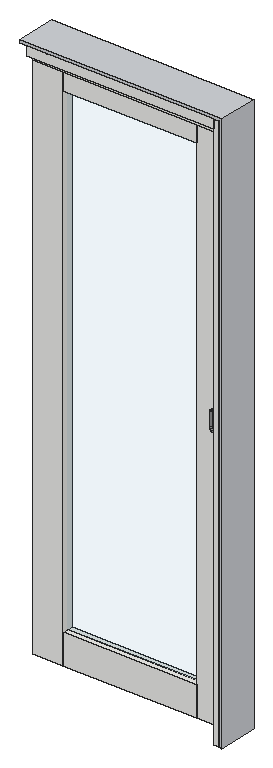
Revit family "Sliding_Door_Pocket", category Doors, host Wall, Revit 2026
Family settings
  Host = Wall
  Classification Number = 23.30.10.00
  Always vertical = Yes
  Cut with Voids When Loaded = No
  Shared = No
  Room Calculation Point = No
Parameters (values of type "1490 x 2100 - M8 x M21")
  min_width = 0 mm
  min_height = 0 mm
  max_width = 0 mm
  max_height = 0 mm
  Youtube clip = ""
  Weight Net (Kg) = 0
  Uniclass 2.0 Description = "Doorsets"
  Uniclass 2.0 Code = "PR-59-23"
  Uniclass 1.4 Description = "Doors"
  Uniclass 1.4 Code = "L411"
  UNSPSC Code = "301715"
  Technical description = "http://www.swedoor.se/mattofakta"
  Surface Material [instance] = Paint : NCSS0502Y
  Strikeplate [instance] = Strikeplate : JW std.
  Rough Width = Frame Width + 20 mm  # 1510 mm
  Rough Height = Height + 10 mm  # 2110 mm
  Region South America = "None"
  Region Oceania = "None"
  Region North America = "None"
  Region Middle East = "None"
  Region Europe = "DK, FI, IS, NO, SE"
  Region Asia = "None"
  Region Antarctica = "None"
  Region Africa = "None"
  QR code = "http://bimobject.com/swedoor-jeld-wen/product/int_door_sliding_int_unique"
  Product group = "ADVANCE-LINE - Unique"
  Product family = "Interior doors"
  Product data url = "http://bimobject.com/swedoor-jeld-wen/product/int_door_sliding_int_unique"
  Product certification = "http://www.swedoor.se/goda-raad/download-center/#78388"
  Product SKU = "int_door_sliding_int_unique"
  Product Guid = "ff2e81f2-811a-43ed-a2ef-8748dc116686"
  Nominal width = 0
  Nominal height = 0
  NBS Reference Description = "Doorsets"
  NBS Reference Code = "59-23"
  Material secondary = ""
  Material main = "Wood"
  Manufacturer name = "SWEDOOR JELD-WEN "
  Manufacturer country = "Denmark"
  Manufacturer = "JELD-WEN"
  Lock [instance] = Lock : 4249
  Kickplate [instance] = Kickplate : No kickplate
  Installation instructions = "http://www.swedoor.se/goda-raad/download-center/#6849"
  IFC Classification = "Door"
  Function = Interior
  Height = 2100 mm
  Wall Closure = By host
  Width = (Frame Width / 2)  # 745 mm
  Free Opening [instance] = Width - 38 mm  # 707 mm
  Frame Width = 1490 mm
  Frame Surface Finish Material = NCS S 0502-Y
  Frame Depth = 0 mm
  Edition number = 1
  Edge type [instance] = Edgetype : Painted
  EAN code = ""
  Door Surface Finish Material = NCS S 0502-Y
  Door Panel Width = Width - 20 mm  # 725 mm
  Door Panel Height = Height - 60 mm  # 2040 mm
  Design country = "Denmark"
  Date of publishing = "2012-08-08"
  COBIe Type Category = ""
  BIMobject category = "Doors"
  Analytic Construction = "<None>"
Reference planes
  plane 1: y = 0
  plane 2 "Center (Left/Right)": x = 0
  plane 3 "Left": x = -372.5
  plane 4 "Right": x = 372.5
  plane 5: z = 2100
  plane 6 "Exterior": y = 75
  plane 7 "Interior": y = -75
  plane 8: x = -1117.5
  plane 9: y = 35
  plane 10: y = -35
  plane 11: x = -1127.5
  plane 12: x = 382.5
  plane 13: x = -381.5
  plane 14: z = 2110
  plane 15: z = 2066
  plane 16: y = 27
  plane 17: y = -27
  plane 18: x = 357.5
Forms (mm)
  Extrusion 1, void
    sketch origin (0, 0, 0) x (1, 0, 0) y (0, 1, 0)
      loop
        line (382.5, 75) -> (-372.5, 75) -> (-372.5, 48.47) -> (-396.537, 48.47) -> (-396.537, 35) -> (-1127.5, 35) -> (-1127.5, -35) -> (-396.537, -35) -> (-396.537, -48.47) -> (-372.5, -48.47) -> (-372.5, -75) -> (382.5, -75) -> (382.5, 75)
    from 0 to 2110
  Sweep 2, solid, material "NCS S 0502-Y" <- "Frame Surface Finish Material"
    path origin (0, 75, 0) x (1, 0, 0) y (0, 0, 1)
      loop
        line (372.5, 0) -> (372.5, 2100)
    profile origin (372.5, 75, 1050) x (-1, 0, 0) y (0, -1, 0)
      loop
        line (0, 0) -> (21, 0) -> (21, 50) -> (15, 50) -> (15, 100) -> (21, 100) -> (21, 150) -> (0, 150) -> (0, 0)
  Extrusion 3, solid, material "NCS S 0502-Y" <- "Frame Surface Finish Material", detail levels coarse+medium
    sketch origin (0, 0, 0) x (1, 0, 0) y (0, 1, 0)
      loop
        line (-372.5, 75) -> (-372.5, 27) -> (-347.5, 27) -> (-347.5, 75) -> (-372.5, 75)
      loop
        line (-372.5, -75) -> (-347.5, -75) -> (-347.5, -27) -> (-372.5, -27) -> (-372.5, -75)
    from 0 to 2100
  Sweep 4, solid
    path in 3D
      loop
        line (-372.5, -75, 2110) -> (382.5, -75, 2110) -> (382.5, -75, 0)
    profile origin (382.5, -75, 1055) x (-1, 0, 0) y (0, -1, 0)
      loop
        line (10, -150) -> (10, 0) -> (0, 0) -> (0, -150) -> (10, -150)
  Extrusion 5, solid, material "NCS S 0502-Y" <- "Frame Surface Finish Material"
    sketch origin (0, 0, 0) x (0, 1, 0) y (0, 0, 1)
      loop
        line (-75, 2100) -> (-75, 2066) -> (-16, 2066) -> (-16, 2100) -> (-75, 2100)
      loop
        line (75, 2100) -> (16, 2100) -> (16, 2066) -> (75, 2066) -> (75, 2100)
    from -347.5 to 351.5
  Extrusion 6, solid, material "NCS S 0502-Y" <- "Frame Surface Finish Material"
    sketch origin (0, 0, 0) x (0, 1, 0) y (0, 0, 1)
      loop
        line (-45, 2066) -> (-45, 2038) -> (-25, 2038) -> (-25, 2066) -> (-45, 2066)
      loop
        line (45, 2066) -> (25, 2066) -> (25, 2038) -> (45, 2038) -> (45, 2066)
    from -347.5 to 351.5
  Extrusion 7, solid, detail levels coarse+medium
    sketch origin (0, 0, 0) x (1, 0, 0) y (0, 1, 0)
      loop
        line (-396.537, 48.47) -> (-396.537, 35) -> (-372.5, 35) -> (-372.5, 48.47) -> (-396.537, 48.47)
      loop
        line (-396.537, -35) -> (-396.537, -48.47) -> (-372.5, -48.47) -> (-372.5, -35) -> (-396.537, -35)
    from 0 to 2110
Lines and regions (mm)
  Filled region 1, type "Drawing1.dwg-1", in view "Ref. Level"
    outline origin (0, 0, 0) x (1, 0, 0) y (0, 1, 0)
      loop
        line (-456.643, 446.435) -> (-450.143, 446.435)
        arc (-450.143, 446.435) -> (-449.082, 446.874) -> (-448.643, 447.935) r 1.5
        line (-448.643, 447.935) -> (-448.643, 466.935)
        arc (-448.643, 466.935) -> (-449.082, 467.996) -> (-450.143, 468.435) r 1.5
        line (-450.143, 468.435) -> (-456.643, 468.435) -> (-456.643, 446.435)
  Filled region 2, type "Drawing1.dwg-1", in view "Ref. Level"
    outline origin (0, 0, 0) x (1, 0, 0) y (0, 1, 0)
      loop
        line (-456.643, 518.435) -> (-450.143, 518.435)
        arc (-450.143, 518.435) -> (-449.082, 518.874) -> (-448.643, 519.935) r 1.5
        line (-448.643, 519.935) -> (-448.643, 538.935)
        arc (-448.643, 538.935) -> (-449.082, 539.996) -> (-450.143, 540.435) r 1.5
        line (-450.143, 540.435) -> (-456.643, 540.435) -> (-456.643, 518.435)
  Filled region 3, type "Drawing1.dwg-1", in view "Ref. Level"
    outline origin (0, 0, 0) x (1, 0, 0) y (0, 1, 0)
      loop
        line (-481.643, 446.935) -> (-476.643, 446.935) -> (-476.643, 444.935) -> (-458.143, 444.935)
        arc (-458.143, 444.935) -> (-457.082, 445.374) -> (-456.643, 446.435) r 1.5
        line (-456.643, 446.435) -> (-456.643, 464.935)
        arc (-456.643, 464.935) -> (-457.082, 465.996) -> (-458.143, 466.435) r 1.5
        line (-458.143, 466.435) -> (-476.643, 466.435) -> (-476.643, 464.435) -> (-481.643, 464.435) -> (-481.643, 446.935)
  Filled region 4, type "Drawing1.dwg-1", in view "Ref. Level"
    outline origin (0, 0, 0) x (1, 0, 0) y (0, 1, 0)
      loop
        line (-481.643, 522.435) -> (-476.643, 522.435) -> (-476.643, 520.435) -> (-458.143, 520.435)
        arc (-458.143, 520.435) -> (-457.082, 520.874) -> (-456.643, 521.935) r 1.5
        line (-456.643, 521.935) -> (-456.643, 540.435)
        arc (-456.643, 540.435) -> (-457.082, 541.496) -> (-458.143, 541.935) r 1.5
        line (-458.143, 541.935) -> (-476.643, 541.935) -> (-476.643, 539.935) -> (-481.643, 539.935) -> (-481.643, 522.435)
  symbolic lines, style "DoorsOpeningProjection"
    curve 1: line (110.018, 20, 519.138) -> (-129.982, 20, 519.138)
    curve 2: line (-129.982, 20, 519.138) -> (-73.413, 20, 575.706)
    curve 3: line (-129.982, 20, 519.138) -> (-73.413, 20, 462.569)
  symbolic lines
    curve 4: line (-725, 20, 0) -> (0, 20, 0)
    curve 5: line (-725, -20, 0) -> (-725, 20, 0)
    curve 6: line (0, -20, 0) -> (-725, -20, 0)
    curve 7: line (0, 20, 0) -> (0, -20, 0)
    curve 10: line (351.5, 75, 0) -> (382.5, 75, 0)
    curve 12: line (382.5, -75, 0) -> (351.5, -75, 0)
    curve 13: line (382.5, 75, 0) -> (382.5, -75, 0)
    curve 448: line (-372.5, 75, 0) -> (-372.5, 48.47, 0)
    curve 449: line (-367.5, 27, 0) -> (-347.5, 27, 0)
    curve 450: line (-347.5, 27, 0) -> (-347.5, 75, 0)
    curve 451: line (-347.5, 75, 0) -> (-372.5, 75, 0)
    curve 452: line (-372.5, -48.47, 0) -> (-372.5, -75, 0)
    curve 453: line (-367.5, -27, 0) -> (-347.5, -27, 0)
    curve 454: line (-347.5, -27, 0) -> (-347.5, -75, 0)
    curve 455: line (-347.5, -75, 0) -> (-372.5, -75, 0)
  sketch lines
    curve 8: line (382.5, -75, 2110) -> (382.5, -75, 0)
    curve 9: line (-372.5, -75, 2110) -> (382.5, -75, 2110)
  symbolic lines, detail levels coarse+medium
    curve 11: line (351.5, -75, 0) -> (351.5, 75, 0)
  model lines, style "3 std kontur 0.25 mm", detail levels medium+fine
    curve 14: line (-372.5, 45, 0) -> (-372.5, 32.25, 0)
  symbolic lines, style "DoorsFrameMullionProjection", not visible, detail levels medium+fine
    curve 15: arc (-553.634, 448.435, 0) -> (-553.194, 447.374, 0) -> (-552.134, 446.935, 0) r 1.5
    curve 16: arc (-552.134, 444.935, 0) -> (-554.609, 445.96, 0) -> (-555.634, 448.435, 0) r 3.5
    curve 17: line (-552.134, 446.935, 0) -> (-526.634, 446.935, 0)
    curve 18: line (-526.634, 446.935, 0) -> (-526.634, 444.935, 0)
    curve 19: line (-526.634, 444.935, 0) -> (-552.134, 444.935, 0)
    curve 20: line (-531.634, 446.935, 0) -> (-526.634, 446.935, 0)
    curve 21: line (-526.634, 446.935, 0) -> (-526.634, 444.935, 0)
    curve 22: line (-555.634, 461.185, 0) -> (-540.634, 461.185, 0)
    curve 23: line (-540.634, 461.185, 0) -> (-540.634, 463.185, 0)
    curve 24: line (-540.634, 463.185, 0) -> (-555.625, 463.185, 0)
    curve 25: arc (-506.634, 464.935, 0) -> (-507.073, 465.996, 0) -> (-508.134, 466.435, 0) r 1.5
    curve 26: arc (-555.625, 463.185, 0) -> (-554.519, 465.497, 0) -> (-552.134, 466.435, 0) r 3.5
    curve 27: arc (-552.134, 464.435, 0) -> (-553.102, 464.081, 0) -> (-553.613, 463.185, 0) r 1.5
    curve 28: arc (-498.634, 466.935, 0) -> (-499.073, 467.996, 0) -> (-500.134, 468.435, 0) r 1.5
    curve 29: line (-552.134, 466.435, 0) -> (-526.634, 466.435, 0)
    curve 30: line (-526.634, 466.435, 0) -> (-526.634, 464.435, 0)
    curve 31: line (-526.634, 464.435, 0) -> (-552.134, 464.435, 0)
    curve 32: line (-508.134, 466.435, 0) -> (-526.634, 466.435, 0)
    curve 33: line (-526.634, 466.435, 0) -> (-526.634, 464.435, 0)
    curve 34: line (-526.634, 464.435, 0) -> (-531.634, 464.435, 0)
    curve 35: line (-500.134, 468.435, 0) -> (-506.634, 468.435, 0)
    curve 36: line (-506.634, 468.435, 0) -> (-506.634, 464.935, 0)
    curve 37: arc (-500.125, 446.435, 0) -> (-499.071, 446.872, 0) -> (-498.634, 447.926, 0) r 1.491
    curve 38: line (-506.625, 446.435, 0) -> (-500.125, 446.435, 0)
    curve 39: line (-498.634, 447.926, 0) -> (-498.634, 466.935, 0)
    curve 40: arc (-508.125, 436.486, 0) -> (-507.064, 436.926, 0) -> (-506.625, 437.986, 0) r 1.5
    curve 41: line (-531.625, 436.486, 0) -> (-508.125, 436.486, 0)
  symbolic lines, style "Doors", not visible, detail levels fine
    curve 42: line (-555.671, 461.185, 0) -> (-540.634, 461.185, 0)
    curve 43: line (-540.634, 461.185, 0) -> (-540.634, 463.185, 0)
    curve 44: line (-540.634, 463.185, 0) -> (-555.671, 463.185, 0)
    curve 45: arc (-552.134, 464.435, 0) -> (-553.102, 464.081, 0) -> (-553.613, 463.185, 0) r 1.5
    curve 46: arc (-553.617, 448.373, 0) -> (-553.184, 447.328, 0) -> (-552.138, 446.895, 0) r 1.479
    curve 47: arc (-552.118, 444.965, 0) -> (-554.63, 446.006, 0) -> (-555.671, 448.518, 0) r 3.553
    curve 48: arc (-500.125, 446.435, 0) -> (-499.071, 446.872, 0) -> (-498.634, 447.926, 0) r 1.491
    curve 49: arc (-498.634, 466.935, 0) -> (-499.073, 467.996, 0) -> (-500.134, 468.435, 0) r 1.5
    curve 50: line (-526.634, 466.435, 0) -> (-526.634, 464.435, 0)
    curve 51: line (-526.634, 464.435, 0) -> (-552.134, 464.435, 0)
    curve 52: line (-553.617, 461.185, 0) -> (-553.617, 448.373, 0)
    curve 53: line (-552.138, 446.895, 0) -> (-526.634, 446.895, 0)
    curve 54: line (-526.634, 444.965, 0) -> (-552.118, 444.965, 0)
    curve 55: line (-555.671, 448.518, 0) -> (-555.671, 461.185, 0)
    curve 56: line (-526.634, 466.435, 0) -> (-526.634, 464.435, 0)
    curve 57: line (-526.634, 464.435, 0) -> (-531.634, 464.435, 0)
    curve 58: line (-531.634, 464.435, 0) -> (-531.634, 446.895, 0)
    curve 59: line (-531.634, 446.895, 0) -> (-526.634, 446.895, 0)
    curve 60: line (-526.634, 446.895, 0) -> (-526.634, 444.965, 0)
    curve 61: line (-500.134, 468.435, 0) -> (-506.634, 468.435, 0)
    curve 62: line (-506.634, 468.435, 0) -> (-506.634, 446.435, 0)
    curve 63: line (-506.634, 446.435, 0) -> (-500.125, 446.435, 0)
    curve 64: line (-498.634, 447.926, 0) -> (-498.634, 466.935, 0)
    curve 89: line (-555.671, 463.185, 0) -> (-584.671, 465.935, 0)
    curve 93: line (-526.634, 466.435, 0) -> (-552.671, 466.435, 0)
    curve 94: line (-555.671, 463.435, 0) -> (-555.671, 463.185, 0)
    curve 95: arc (-552.671, 466.435, 0) -> (-554.792, 465.556, 0) -> (-555.671, 463.435, 0) r 3
    curve 372: line (-1174.962, 198.6, 0) -> (-1175.681, 201.4, 0)
    curve 373: line (-1175.91, 200.7, 0) -> (-1175.191, 197.9, 0)
    curve 374: line (-1175.191, 197.9, 0) -> (-1175.681, 201.4, 0)
    curve 375: line (-1175.371, 198.6, 0) -> (-1176.597, 198.6, 0)
    curve 376: line (-1176.826, 197.9, 0) -> (-1177.327, 200.483, 0)
    curve 377: line (-1177.327, 200.483, 0) -> (-1178.638, 200.006, 0)
    curve 378: line (-1170.385, 198.6, 0) -> (-1171.693, 198.6, 0)
    curve 379: line (-1171.922, 197.9, 0) -> (-1172.641, 200.7, 0)
    curve 380: line (-1172.641, 200.7, 0) -> (-1173.948, 200.7, 0)
    curve 381: line (-1172.102, 198.6, 0) -> (-1173.328, 198.6, 0)
    curve 382: line (-1173.557, 197.9, 0) -> (-1174.275, 200.7, 0)
    curve 383: line (-1174.275, 200.7, 0) -> (-1175.501, 200.7, 0)
    curve 384: line (-1173.736, 198.6, 0) -> (-1174.962, 198.6, 0)
    curve 385: line (-1173.328, 198.6, 0) -> (-1174.046, 201.4, 0)
    curve 386: line (-1171.693, 198.6, 0) -> (-1172.412, 201.4, 0)
    curve 387: line (-1168.751, 198.6, 0) -> (-1170.058, 198.6, 0)
    curve 388: line (-1170.058, 198.6, 0) -> (-1170.777, 201.4, 0)
    curve 389: line (-1171.006, 200.7, 0) -> (-1172.232, 200.7, 0)
    curve 390: line (-1167.198, 198.6, 0) -> (-1168.424, 198.6, 0)
    curve 391: line (-1168.424, 198.6, 0) -> (-1169.142, 201.4, 0)
    curve 392: line (-1169.371, 200.7, 0) -> (-1170.597, 200.7, 0)
    curve 393: line (-1170.288, 197.9, 0) -> (-1170.777, 201.4, 0)
    curve 394: line (-1172.412, 201.4, 0) -> (-1171.922, 197.9, 0)
    curve 395: line (-1171.006, 200.7, 0) -> (-1170.288, 197.9, 0)
    curve 396: line (-1174.046, 201.4, 0) -> (-1173.557, 197.9, 0)
    curve 397: line (-1168.653, 197.9, 0) -> (-1169.142, 201.4, 0)
    curve 398: line (-1169.371, 200.7, 0) -> (-1168.653, 197.9, 0)
    curve 399: line (-1167.737, 200.7, 0) -> (-1167.018, 197.9, 0)
    curve 400: line (-1167.018, 197.9, 0) -> (-1167.508, 201.4, 0)
    curve 401: line (-1167.508, 201.4, 0) -> (-1166.789, 198.6, 0)
    curve 402: line (-1164.617, 196.577, 0) -> (-1166.639, 198.6, 0)
    curve 403: line (-1166.789, 198.6, 0) -> (-1166.639, 200.7, 0)
    curve 404: line (-1166.639, 200.7, 0) -> (-1164.617, 202.722, 0)
    curve 405: line (-1164.617, 202.722, 0) -> (-1164.617, 196.577, 0)
    curve 406: line (-1167.737, 200.7, 0) -> (-1168.963, 200.7, 0)
    curve 407: line (-1178.774, 199.957, 0) -> (-1178.495, 198.869, 0)
    curve 408: line (-1178.386, 199.202, 0) -> (-1176.979, 198.69, 0)
    curve 409: line (-1178.386, 199.202, 0) -> (-1178.683, 200.362, 0)
    curve 410: line (-1178.774, 199.957, 0) -> (-1179.617, 199.65, 0)
    curve 411: line (-1179.617, 199.65, 0) -> (-1178.6, 199.28, 0)
    curve 412: line (-1176.597, 198.6, 0) -> (-1177.188, 200.906, 0)
    curve 413: line (-1176.732, 200.7, 0) -> (-1175.91, 200.7, 0)
    curve 414: line (-1178.683, 200.362, 0) -> (-1178.495, 198.869, 0)
    curve 415: line (-1177.188, 200.906, 0) -> (-1176.826, 197.9, 0)
    curve 416: arc (-1160.617, 194.65, 0) -> (-1160.763, 195.003, 0) -> (-1161.117, 195.15, 0) r 0.5
    curve 417: arc (-1164.617, 195.65, 0) -> (-1164.47, 195.296, 0) -> (-1164.117, 195.15, 0) r 0.5
    curve 418: arc (-1162.15, 191.208, 0) -> (-1161.055, 191.786, 0) -> (-1160.617, 192.945, 0) r 1.75
    curve 419: arc (-1161.117, 204.15, 0) -> (-1160.763, 204.296, 0) -> (-1160.617, 204.65, 0) r 0.5
    curve 420: arc (-1164.117, 204.15, 0) -> (-1164.47, 204.003, 0) -> (-1164.617, 203.65, 0) r 0.5
    curve 421: arc (-1160.617, 206.355, 0) -> (-1161.055, 207.513, 0) -> (-1162.15, 208.091, 0) r 1.75
    curve 422: line (-1167.716, 200.617, 0) -> (-1166.225, 201.114, 0)
    curve 423: line (-1164.617, 197.65, 0) -> (-1164.617, 195.65, 0)
    curve 424: line (-1160.617, 194.65, 0) -> (-1160.617, 192.945, 0)
    curve 425: line (-1164.117, 195.15, 0) -> (-1161.117, 195.15, 0)
    curve 426: line (-1164.617, 203.65, 0) -> (-1164.617, 201.65, 0)
    curve 427: line (-1164.117, 204.15, 0) -> (-1161.117, 204.15, 0)
    curve 428: line (-1160.617, 206.355, 0) -> (-1160.617, 204.65, 0)
    curve 429: line (-1162.15, 191.208, 0) -> (-1170.617, 190.15, 0)
    curve 430: line (-1162.15, 208.091, 0) -> (-1170.617, 209.15, 0)
    curve 431: line (-1170.617, 198.6, 0) -> (-1170.617, 173.15, 0)
    curve 432: line (-1170.617, 173.15, 0) -> (-1172.117, 171.65, 0)
    curve 433: line (-1172.117, 171.65, 0) -> (-1189.117, 171.65, 0)
    curve 434: line (-1189.117, 171.65, 0) -> (-1190.617, 173.15, 0)
    curve 435: line (-1190.617, 173.15, 0) -> (-1190.617, 226.15, 0)
    curve 436: line (-1190.617, 226.15, 0) -> (-1189.117, 227.65, 0)
    curve 437: line (-1189.117, 227.65, 0) -> (-1172.117, 227.65, 0)
    curve 438: line (-1172.117, 227.65, 0) -> (-1170.617, 226.15, 0)
    curve 439: line (-1170.617, 226.15, 0) -> (-1170.617, 200.775, 0)
  symbolic lines, style "Doors", detail levels fine
    curve 65: line (-396.537, -32.25, 0) -> (-381.5, -32.25, 0)
    curve 66: line (-381.5, -32.25, 0) -> (-381.5, -30.25, 0)
    curve 67: line (-381.5, -30.25, 0) -> (-396.537, -30.25, 0)
    curve 68: arc (-393, -29, 0) -> (-393.968, -29.354, 0) -> (-394.479, -30.25, 0) r 1.5
    curve 69: arc (-394.483, -45.062, 0) -> (-394.05, -46.107, 0) -> (-393.004, -46.54, 0) r 1.479
    curve 70: arc (-392.984, -48.47, 0) -> (-395.496, -47.429, 0) -> (-396.537, -44.917, 0) r 3.553
    curve 71: arc (-340.991, -47, 0) -> (-339.937, -46.563, 0) -> (-339.5, -45.509, 0) r 1.491
    curve 72: arc (-339.5, -26.5, 0) -> (-339.939, -25.439, 0) -> (-341, -25, 0) r 1.5
    curve 73: line (-367.5, -27, 0) -> (-367.5, -29, 0)
    curve 74: line (-367.5, -29, 0) -> (-393, -29, 0)
    curve 75: line (-394.483, -32.25, 0) -> (-394.483, -45.062, 0)
    curve 76: line (-393.004, -46.54, 0) -> (-367.5, -46.54, 0)
    curve 77: line (-367.5, -48.47, 0) -> (-392.984, -48.47, 0)
    curve 78: line (-396.537, -44.917, 0) -> (-396.537, -32.25, 0)
    curve 79: line (-367.5, -27, 0) -> (-367.5, -29, 0)
    curve 80: line (-367.5, -29, 0) -> (-372.5, -29, 0)
    curve 81: line (-372.5, -29, 0) -> (-372.5, -46.54, 0)
    curve 82: line (-372.5, -46.54, 0) -> (-367.5, -46.54, 0)
    curve 83: line (-367.5, -46.54, 0) -> (-367.5, -48.47, 0)
    curve 84: line (-341, -25, 0) -> (-347.5, -25, 0)
    curve 85: line (-347.5, -25, 0) -> (-347.5, -47, 0)
    curve 86: line (-347.5, -47, 0) -> (-340.991, -47, 0)
    curve 87: line (-339.5, -45.509, 0) -> (-339.5, -26.5, 0)
    curve 88: line (-396.537, -30.25, 0) -> (-425.537, -27.5, 0)
    curve 90: line (-367.5, -27, 0) -> (-393.537, -27, 0)
    curve 91: line (-396.537, -30, 0) -> (-396.537, -30.25, 0)
    curve 92: arc (-393.537, -27, 0) -> (-395.658, -27.879, 0) -> (-396.537, -30, 0) r 3
    curve 96: line (-396.537, 32.25, 0) -> (-381.5, 32.25, 0)
    curve 97: line (-381.5, 32.25, 0) -> (-381.5, 30.25, 0)
    curve 98: line (-381.5, 30.25, 0) -> (-396.537, 30.25, 0)
    curve 99: arc (-393, 29, 0) -> (-393.968, 29.354, 0) -> (-394.479, 30.25, 0) r 1.5
    curve 100: arc (-394.483, 45.062, 0) -> (-394.05, 46.107, 0) -> (-393.004, 46.54, 0) r 1.479
    curve 101: arc (-392.984, 48.47, 0) -> (-395.496, 47.429, 0) -> (-396.537, 44.917, 0) r 3.553
    curve 102: arc (-340.991, 47, 0) -> (-339.937, 46.563, 0) -> (-339.5, 45.509, 0) r 1.491
    curve 103: arc (-339.5, 26.5, 0) -> (-339.939, 25.439, 0) -> (-341, 25, 0) r 1.5
    curve 104: line (-367.5, 27, 0) -> (-367.5, 29, 0)
    curve 105: line (-367.5, 29, 0) -> (-393, 29, 0)
    curve 106: line (-394.483, 32.25, 0) -> (-394.483, 45.062, 0)
    curve 107: line (-393.004, 46.54, 0) -> (-367.5, 46.54, 0)
    curve 108: line (-367.5, 48.47, 0) -> (-392.984, 48.47, 0)
    curve 109: line (-396.537, 44.917, 0) -> (-396.537, 32.25, 0)
    curve 110: line (-367.5, 27, 0) -> (-367.5, 29, 0)
    curve 111: line (-367.5, 29, 0) -> (-372.5, 29, 0)
    curve 112: line (-372.5, 29, 0) -> (-372.5, 46.54, 0)
    curve 113: line (-372.5, 46.54, 0) -> (-367.5, 46.54, 0)
    curve 114: line (-367.5, 46.54, 0) -> (-367.5, 48.47, 0)
    curve 115: line (-341, 25, 0) -> (-347.5, 25, 0)
    curve 116: line (-347.5, 25, 0) -> (-347.5, 47, 0)
    curve 117: line (-347.5, 47, 0) -> (-340.991, 47, 0)
    curve 118: line (-339.5, 45.509, 0) -> (-339.5, 26.5, 0)
    curve 119: line (-396.537, 30.25, 0) -> (-425.537, 27.5, 0)
    curve 120: line (-367.5, 27, 0) -> (-393.537, 27, 0)
    curve 121: line (-396.537, 30, 0) -> (-396.537, 30.25, 0)
    curve 122: arc (-393.537, 27, 0) -> (-395.658, 27.879, 0) -> (-396.537, 30, 0) r 3
    curve 303: line (-1111.845, -1.05, 0) -> (-1112.564, 1.75, 0)
    curve 304: line (-1112.793, 1.05, 0) -> (-1112.074, -1.75, 0)
    curve 305: line (-1112.074, -1.75, 0) -> (-1112.564, 1.75, 0)
    curve 306: line (-1112.254, -1.05, 0) -> (-1113.48, -1.05, 0)
    curve 307: line (-1113.709, -1.75, 0) -> (-1114.21, 0.833, 0)
    curve 308: line (-1114.21, 0.833, 0) -> (-1115.522, 0.356, 0)
    curve 309: line (-1107.269, -1.05, 0) -> (-1108.576, -1.05, 0)
    curve 310: line (-1108.805, -1.75, 0) -> (-1109.524, 1.05, 0)
    curve 311: line (-1109.524, 1.05, 0) -> (-1110.831, 1.05, 0)
    curve 312: line (-1108.985, -1.05, 0) -> (-1110.211, -1.05, 0)
    curve 313: line (-1110.44, -1.75, 0) -> (-1111.158, 1.05, 0)
    curve 314: line (-1111.158, 1.05, 0) -> (-1112.384, 1.05, 0)
    curve 315: line (-1110.62, -1.05, 0) -> (-1111.845, -1.05, 0)
    curve 316: line (-1110.211, -1.05, 0) -> (-1110.929, 1.75, 0)
    curve 317: line (-1108.576, -1.05, 0) -> (-1109.295, 1.75, 0)
    curve 318: line (-1105.634, -1.05, 0) -> (-1106.942, -1.05, 0)
    curve 319: line (-1106.942, -1.05, 0) -> (-1107.66, 1.75, 0)
    curve 320: line (-1107.889, 1.05, 0) -> (-1109.115, 1.05, 0)
    curve 321: line (-1104.081, -1.05, 0) -> (-1105.307, -1.05, 0)
    curve 322: line (-1105.307, -1.05, 0) -> (-1106.026, 1.75, 0)
    curve 323: line (-1106.255, 1.05, 0) -> (-1107.481, 1.05, 0)
    curve 324: line (-1107.171, -1.75, 0) -> (-1107.66, 1.75, 0)
    curve 325: line (-1109.295, 1.75, 0) -> (-1108.805, -1.75, 0)
    curve 326: line (-1107.889, 1.05, 0) -> (-1107.171, -1.75, 0)
    curve 327: line (-1110.929, 1.75, 0) -> (-1110.44, -1.75, 0)
    curve 328: line (-1105.536, -1.75, 0) -> (-1106.026, 1.75, 0)
    curve 329: line (-1106.255, 1.05, 0) -> (-1105.536, -1.75, 0)
    curve 330: line (-1104.62, 1.05, 0) -> (-1103.902, -1.75, 0)
    curve 331: line (-1103.902, -1.75, 0) -> (-1104.391, 1.75, 0)
    curve 332: line (-1104.391, 1.75, 0) -> (-1103.673, -1.05, 0)
    curve 333: line (-1101.5, -3.072, 0) -> (-1103.522, -1.05, 0)
    curve 334: line (-1103.673, -1.05, 0) -> (-1103.522, 1.05, 0)
    curve 335: line (-1103.522, 1.05, 0) -> (-1101.5, 3.072, 0)
    curve 336: line (-1101.5, 3.072, 0) -> (-1101.5, -3.072, 0)
    curve 337: line (-1104.62, 1.05, 0) -> (-1105.846, 1.05, 0)
    curve 338: line (-1115.657, 0.307, 0) -> (-1115.378, -0.781, 0)
    curve 339: line (-1115.269, -0.448, 0) -> (-1113.862, -0.96, 0)
    curve 340: line (-1115.269, -0.448, 0) -> (-1115.567, 0.712, 0)
    curve 341: line (-1115.657, 0.307, 0) -> (-1116.5, 0, 0)
    curve 342: line (-1116.5, 0, 0) -> (-1115.483, -0.37, 0)
    curve 343: line (-1113.48, -1.05, 0) -> (-1114.072, 1.256, 0)
    curve 344: line (-1113.615, 1.05, 0) -> (-1112.793, 1.05, 0)
    curve 345: line (-1115.567, 0.712, 0) -> (-1115.378, -0.781, 0)
    curve 346: line (-1114.072, 1.256, 0) -> (-1113.709, -1.75, 0)
    curve 347: arc (-1097.5, -5, 0) -> (-1097.646, -4.646, 0) -> (-1098, -4.5, 0) r 0.5
    curve 348: arc (-1101.5, -4, 0) -> (-1101.354, -4.354, 0) -> (-1101, -4.5, 0) r 0.5
    curve 349: arc (-1099.033, -8.442, 0) -> (-1097.938, -7.863, 0) -> (-1097.5, -6.705, 0) r 1.75
    curve 350: arc (-1098, 4.5, 0) -> (-1097.646, 4.646, 0) -> (-1097.5, 5, 0) r 0.5
    curve 351: arc (-1101, 4.5, 0) -> (-1101.354, 4.354, 0) -> (-1101.5, 4, 0) r 0.5
    curve 352: arc (-1097.5, 6.705, 0) -> (-1097.938, 7.863, 0) -> (-1099.033, 8.442, 0) r 1.75
    curve 353: line (-1104.599, 0.967, 0) -> (-1103.108, 1.464, 0)
    curve 354: line (-1101.5, -2, 0) -> (-1101.5, -4, 0)
    curve 355: line (-1097.5, -5, 0) -> (-1097.5, -6.705, 0)
    curve 356: line (-1101, -4.5, 0) -> (-1098, -4.5, 0)
    curve 357: line (-1101.5, 4, 0) -> (-1101.5, 2, 0)
    curve 358: line (-1101, 4.5, 0) -> (-1098, 4.5, 0)
    curve 359: line (-1097.5, 6.705, 0) -> (-1097.5, 5, 0)
    curve 360: line (-1099.033, -8.442, 0) -> (-1107.5, -9.5, 0)
    curve 361: line (-1099.033, 8.442, 0) -> (-1107.5, 9.5, 0)
    curve 362: line (-1107.5, -1.05, 0) -> (-1107.5, -26.5, 0)
    curve 363: line (-1107.5, -26.5, 0) -> (-1109, -28, 0)
    curve 364: line (-1109, -28, 0) -> (-1126, -28, 0)
    curve 365: line (-1126, -28, 0) -> (-1127.5, -26.5, 0)
    curve 366: line (-1127.5, -26.5, 0) -> (-1127.5, 26.5, 0)
    curve 367: line (-1127.5, 26.5, 0) -> (-1126, 28, 0)
    curve 368: line (-1126, 28, 0) -> (-1109, 28, 0)
    curve 369: line (-1109, 28, 0) -> (-1107.5, 26.5, 0)
    curve 370: line (-1107.5, 26.5, 0) -> (-1107.5, 1.125, 0)
  symbolic lines, style "Doors", detail levels medium+fine
    curve 123: line (-399, 75, 0) -> (-397.5, 75, 0)
  model lines, style "Doors", not visible, detail levels medium+fine
    curve 124: line (-704.97, 492.385, 0) -> (-705.689, 495.185, 0)
    curve 125: line (-705.689, 495.185, 0) -> (-705.918, 494.485, 0)
    curve 126: line (-705.918, 494.485, 0) -> (-705.199, 491.685, 0)
    curve 127: line (-705.199, 491.685, 0) -> (-705.689, 495.185, 0)
    curve 128: line (-705.379, 492.385, 0) -> (-706.605, 492.385, 0)
    curve 129: line (-706.605, 492.385, 0) -> (-706.834, 491.685, 0)
    curve 130: line (-706.834, 491.685, 0) -> (-707.335, 494.268, 0)
    curve 131: line (-707.335, 494.268, 0) -> (-708.604, 493.807, 0)
    curve 132: line (-700.475, 492.385, 0) -> (-701.701, 492.385, 0)
    curve 133: line (-701.701, 492.385, 0) -> (-701.93, 491.685, 0)
    curve 134: line (-701.93, 491.685, 0) -> (-702.649, 494.485, 0)
    curve 135: line (-702.649, 494.485, 0) -> (-703.875, 494.485, 0)
    curve 136: line (-702.11, 492.385, 0) -> (-703.336, 492.385, 0)
    curve 137: line (-703.336, 492.385, 0) -> (-703.565, 491.685, 0)
    curve 138: line (-703.565, 491.685, 0) -> (-704.283, 494.485, 0)
    curve 139: line (-704.283, 494.485, 0) -> (-705.509, 494.485, 0)
    curve 140: line (-703.744, 492.385, 0) -> (-704.97, 492.385, 0)
    curve 141: line (-704.97, 492.385, 0) -> (-705.199, 491.685, 0)
    curve 142: line (-703.336, 492.385, 0) -> (-704.054, 495.185, 0)
    curve 143: line (-704.054, 495.185, 0) -> (-704.283, 494.485, 0)
    curve 144: line (-701.701, 492.385, 0) -> (-702.42, 495.185, 0)
    curve 145: line (-702.42, 495.185, 0) -> (-702.649, 494.485, 0)
    curve 146: line (-698.841, 492.385, 0) -> (-700.067, 492.385, 0)
    curve 147: line (-700.067, 492.385, 0) -> (-700.785, 495.185, 0)
    curve 148: line (-700.785, 495.185, 0) -> (-701.014, 494.485, 0)
    curve 149: line (-701.014, 494.485, 0) -> (-702.24, 494.485, 0)
    curve 150: line (-697.206, 492.385, 0) -> (-698.432, 492.385, 0)
    curve 151: line (-698.432, 492.385, 0) -> (-699.151, 495.185, 0)
    curve 152: line (-699.151, 495.185, 0) -> (-699.38, 494.485, 0)
    curve 153: line (-699.38, 494.485, 0) -> (-700.606, 494.485, 0)
    curve 154: line (-700.067, 492.385, 0) -> (-700.296, 491.685, 0)
    curve 155: line (-700.296, 491.685, 0) -> (-700.785, 495.185, 0)
    curve 156: line (-702.42, 495.185, 0) -> (-701.93, 491.685, 0)
    curve 157: line (-701.014, 494.485, 0) -> (-700.296, 491.685, 0)
    curve 158: line (-704.054, 495.185, 0) -> (-703.565, 491.685, 0)
    curve 159: line (-698.432, 492.385, 0) -> (-698.661, 491.685, 0)
    curve 160: line (-698.661, 491.685, 0) -> (-699.151, 495.185, 0)
    curve 161: line (-699.38, 494.485, 0) -> (-698.661, 491.685, 0)
    curve 162: line (-696.647, 494.485, 0) -> (-697.336, 494.485, 0)
    curve 163: line (-697.516, 495.185, 0) -> (-697.745, 494.485, 0)
    curve 164: line (-697.745, 494.485, 0) -> (-697.027, 491.685, 0)
    curve 165: line (-697.027, 491.685, 0) -> (-697.516, 495.185, 0)
    curve 166: line (-697.516, 495.185, 0) -> (-696.798, 492.385, 0)
    curve 167: line (-696.798, 492.385, 0) -> (-697.027, 491.685, 0)
    curve 168: line (-694.625, 490.363, 0) -> (-696.647, 492.385, 0)
    curve 169: line (-696.798, 492.385, 0) -> (-696.647, 494.485, 0)
    curve 170: line (-696.647, 494.485, 0) -> (-694.625, 496.507, 0)
    curve 171: line (-694.625, 496.507, 0) -> (-694.625, 490.363, 0)
    curve 172: line (-697.745, 494.485, 0) -> (-698.971, 494.485, 0)
    curve 173: line (-708.782, 493.742, 0) -> (-708.503, 492.654, 0)
    curve 174: line (-708.503, 492.654, 0) -> (-708.394, 492.987, 0)
    curve 175: line (-708.394, 492.987, 0) -> (-706.987, 492.475, 0)
    curve 176: line (-708.394, 492.987, 0) -> (-708.692, 494.147, 0)
    curve 177: line (-708.692, 494.147, 0) -> (-708.782, 493.742, 0)
    curve 178: line (-708.782, 493.742, 0) -> (-709.625, 493.435, 0)
    curve 179: line (-709.625, 493.435, 0) -> (-708.608, 493.065, 0)
    curve 180: line (-706.605, 492.385, 0) -> (-707.197, 494.691, 0)
    curve 181: line (-707.197, 494.691, 0) -> (-707.335, 494.268, 0)
    curve 182: line (-707.109, 494.351, 0) -> (-706.74, 494.485, 0)
    curve 183: line (-706.74, 494.485, 0) -> (-705.918, 494.485, 0)
    curve 184: line (-708.692, 494.147, 0) -> (-708.503, 492.654, 0)
    curve 185: line (-707.197, 494.691, 0) -> (-706.834, 491.685, 0)
    curve 186: arc (-690.625, 488.435, 0) -> (-690.771, 488.789, 0) -> (-691.125, 488.935, 0) r 0.5
    curve 187: arc (-694.625, 489.435, 0) -> (-694.478, 489.081, 0) -> (-694.125, 488.935, 0) r 0.5
    curve 188: arc (-692.158, 484.993, 0) -> (-691.063, 485.572, 0) -> (-690.625, 486.73, 0) r 1.75
    curve 189: arc (-691.125, 497.935, 0) -> (-690.771, 498.081, 0) -> (-690.625, 498.435, 0) r 0.5
    curve 190: arc (-694.125, 497.935, 0) -> (-694.478, 497.789, 0) -> (-694.625, 497.435, 0) r 0.5
    curve 191: arc (-690.625, 500.14, 0) -> (-691.063, 501.298, 0) -> (-692.158, 501.877, 0) r 1.75
    curve 192: line (-697.724, 494.402, 0) -> (-696.233, 494.899, 0)
    curve 193: line (-697.181, 492.287, 0) -> (-697.475, 492.385, 0)
    curve 194: line (-694.625, 491.435, 0) -> (-694.625, 489.435, 0)
    curve 195: line (-690.625, 488.435, 0) -> (-690.625, 486.73, 0)
    curve 196: line (-694.125, 488.935, 0) -> (-691.125, 488.935, 0)
    curve 197: line (-694.625, 497.435, 0) -> (-694.625, 495.435, 0)
    curve 198: line (-694.125, 497.935, 0) -> (-691.125, 497.935, 0)
    curve 199: line (-690.625, 500.14, 0) -> (-690.625, 498.435, 0)
    curve 200: line (-696.233, 491.971, 0) -> (-696.864, 492.181, 0)
    curve 201: line (-692.158, 484.993, 0) -> (-700.625, 483.935, 0)
    curve 202: line (-692.158, 501.877, 0) -> (-700.625, 502.935, 0)
    curve 203: line (-700.625, 492.385, 0) -> (-700.625, 466.935, 0)
    curve 204: line (-700.625, 466.935, 0) -> (-702.125, 465.435, 0)
    curve 205: line (-702.125, 465.435, 0) -> (-719.125, 465.435, 0)
    curve 206: line (-719.125, 465.435, 0) -> (-720.625, 466.935, 0)
    curve 207: line (-720.625, 466.935, 0) -> (-720.625, 519.935, 0)
    curve 208: line (-720.625, 519.935, 0) -> (-719.125, 521.435, 0)
    curve 209: line (-719.125, 521.435, 0) -> (-702.125, 521.435, 0)
    curve 210: line (-702.125, 521.435, 0) -> (-700.625, 519.935, 0)
    curve 211: line (-700.625, 519.935, 0) -> (-700.625, 494.56, 0)
    curve 213: line (-1194.825, 208.321, 0) -> (-1195.543, 211.121, 0)
    curve 214: line (-1195.543, 211.121, 0) -> (-1195.772, 210.421, 0)
    curve 215: line (-1195.772, 210.421, 0) -> (-1195.054, 207.621, 0)
    curve 216: line (-1195.054, 207.621, 0) -> (-1195.543, 211.121, 0)
    curve 217: line (-1195.233, 208.321, 0) -> (-1196.459, 208.321, 0)
    curve 218: line (-1196.459, 208.321, 0) -> (-1196.688, 207.621, 0)
    curve 219: line (-1196.688, 207.621, 0) -> (-1197.189, 210.204, 0)
    curve 220: line (-1197.189, 210.204, 0) -> (-1198.458, 209.742, 0)
    curve 221: line (-1190.33, 208.321, 0) -> (-1191.556, 208.321, 0)
    curve 222: line (-1191.556, 208.321, 0) -> (-1191.785, 207.621, 0)
    curve 223: line (-1191.785, 207.621, 0) -> (-1192.503, 210.421, 0)
    curve 224: line (-1192.503, 210.421, 0) -> (-1193.729, 210.421, 0)
    curve 225: line (-1191.964, 208.321, 0) -> (-1193.19, 208.321, 0)
    curve 226: line (-1193.19, 208.321, 0) -> (-1193.419, 207.621, 0)
    curve 227: line (-1193.419, 207.621, 0) -> (-1194.138, 210.421, 0)
    curve 228: line (-1194.138, 210.421, 0) -> (-1195.364, 210.421, 0)
    curve 229: line (-1193.599, 208.321, 0) -> (-1194.825, 208.321, 0)
    curve 230: line (-1194.825, 208.321, 0) -> (-1195.054, 207.621, 0)
    curve 231: line (-1193.19, 208.321, 0) -> (-1193.909, 211.121, 0)
    curve 232: line (-1193.909, 211.121, 0) -> (-1194.138, 210.421, 0)
    curve 233: line (-1191.556, 208.321, 0) -> (-1192.274, 211.121, 0)
    curve 234: line (-1192.274, 211.121, 0) -> (-1192.503, 210.421, 0)
    curve 235: line (-1188.695, 208.321, 0) -> (-1189.921, 208.321, 0)
    curve 236: line (-1189.921, 208.321, 0) -> (-1190.639, 211.121, 0)
    curve 237: line (-1190.639, 211.121, 0) -> (-1190.869, 210.421, 0)
    curve 238: line (-1190.869, 210.421, 0) -> (-1192.094, 210.421, 0)
    curve 239: line (-1187.061, 208.321, 0) -> (-1188.286, 208.321, 0)
    curve 240: line (-1188.286, 208.321, 0) -> (-1189.005, 211.121, 0)
    curve 241: line (-1189.005, 211.121, 0) -> (-1189.234, 210.421, 0)
    curve 242: line (-1189.234, 210.421, 0) -> (-1190.46, 210.421, 0)
    curve 243: line (-1189.921, 208.321, 0) -> (-1190.15, 207.621, 0)
    curve 244: line (-1190.15, 207.621, 0) -> (-1190.639, 211.121, 0)
    curve 245: line (-1192.274, 211.121, 0) -> (-1191.785, 207.621, 0)
    curve 246: line (-1190.869, 210.421, 0) -> (-1190.15, 207.621, 0)
    curve 247: line (-1193.909, 211.121, 0) -> (-1193.419, 207.621, 0)
    curve 248: line (-1188.286, 208.321, 0) -> (-1188.515, 207.621, 0)
    curve 249: line (-1188.515, 207.621, 0) -> (-1189.005, 211.121, 0)
    curve 250: line (-1189.234, 210.421, 0) -> (-1188.515, 207.621, 0)
    curve 251: line (-1186.501, 210.421, 0) -> (-1187.191, 210.421, 0)
    curve 252: line (-1187.37, 211.121, 0) -> (-1187.599, 210.421, 0)
    curve 253: line (-1187.599, 210.421, 0) -> (-1186.881, 207.621, 0)
    curve 254: line (-1186.881, 207.621, 0) -> (-1187.37, 211.121, 0)
    curve 255: line (-1187.37, 211.121, 0) -> (-1186.652, 208.321, 0)
    curve 256: line (-1186.652, 208.321, 0) -> (-1186.881, 207.621, 0)
    curve 257: line (-1184.479, 206.298, 0) -> (-1186.501, 208.321, 0)
    curve 258: line (-1186.652, 208.321, 0) -> (-1186.501, 210.421, 0)
    curve 259: line (-1186.501, 210.421, 0) -> (-1184.479, 212.443, 0)
    curve 260: line (-1184.479, 212.443, 0) -> (-1184.479, 206.298, 0)
    curve 261: line (-1187.599, 210.421, 0) -> (-1188.825, 210.421, 0)
    curve 262: line (-1198.636, 209.677, 0) -> (-1198.357, 208.59, 0)
    curve 263: line (-1198.357, 208.59, 0) -> (-1198.248, 208.923, 0)
    curve 264: line (-1198.248, 208.923, 0) -> (-1196.841, 208.411, 0)
    curve 265: line (-1198.248, 208.923, 0) -> (-1198.546, 210.083, 0)
    curve 266: line (-1198.546, 210.083, 0) -> (-1198.636, 209.677, 0)
    curve 267: line (-1198.636, 209.677, 0) -> (-1199.479, 209.371, 0)
    curve 268: line (-1199.479, 209.371, 0) -> (-1198.462, 209.001, 0)
    curve 269: line (-1196.459, 208.321, 0) -> (-1197.051, 210.627, 0)
    curve 270: line (-1197.051, 210.627, 0) -> (-1197.189, 210.204, 0)
    curve 271: line (-1196.964, 210.286, 0) -> (-1196.594, 210.421, 0)
    curve 272: line (-1196.594, 210.421, 0) -> (-1195.772, 210.421, 0)
    curve 273: line (-1198.546, 210.083, 0) -> (-1198.357, 208.59, 0)
    curve 274: line (-1197.051, 210.627, 0) -> (-1196.688, 207.621, 0)
    curve 275: arc (-1180.479, 204.371, 0) -> (-1180.626, 204.724, 0) -> (-1180.979, 204.871, 0) r 0.5
    curve 276: arc (-1184.479, 205.371, 0) -> (-1184.333, 205.017, 0) -> (-1183.979, 204.871, 0) r 0.5
    curve 277: arc (-1182.012, 200.929, 0) -> (-1180.917, 201.507, 0) -> (-1180.479, 202.666, 0) r 1.75
    curve 278: arc (-1180.979, 213.871, 0) -> (-1180.626, 214.017, 0) -> (-1180.479, 214.371, 0) r 0.5
    curve 279: arc (-1183.979, 213.871, 0) -> (-1184.333, 213.724, 0) -> (-1184.479, 213.371, 0) r 0.5
    curve 280: arc (-1180.479, 216.076, 0) -> (-1180.917, 217.234, 0) -> (-1182.012, 217.812, 0) r 1.75
    curve 281: line (-1187.578, 210.338, 0) -> (-1186.088, 210.835, 0)
    curve 282: line (-1187.035, 208.223, 0) -> (-1187.329, 208.321, 0)
    curve 283: line (-1184.479, 207.371, 0) -> (-1184.479, 205.371, 0)
    curve 284: line (-1180.479, 204.371, 0) -> (-1180.479, 202.666, 0)
    curve 285: line (-1183.979, 204.871, 0) -> (-1180.979, 204.871, 0)
    curve 286: line (-1184.479, 213.371, 0) -> (-1184.479, 211.371, 0)
    curve 287: line (-1183.979, 213.871, 0) -> (-1180.979, 213.871, 0)
    curve 288: line (-1180.479, 216.076, 0) -> (-1180.479, 214.371, 0)
    curve 289: line (-1186.088, 207.907, 0) -> (-1186.719, 208.117, 0)
    curve 290: line (-1182.012, 200.929, 0) -> (-1190.479, 199.871, 0)
    curve 291: line (-1182.012, 217.812, 0) -> (-1190.479, 218.871, 0)
    curve 292: line (-1190.479, 208.321, 0) -> (-1190.479, 182.871, 0)
    curve 293: line (-1190.479, 182.871, 0) -> (-1191.979, 181.371, 0)
    curve 294: line (-1191.979, 181.371, 0) -> (-1208.979, 181.371, 0)
    curve 295: line (-1208.979, 181.371, 0) -> (-1210.479, 182.871, 0)
    curve 296: line (-1210.479, 182.871, 0) -> (-1210.479, 235.871, 0)
    curve 297: line (-1210.479, 235.871, 0) -> (-1208.979, 237.371, 0)
    curve 298: line (-1208.979, 237.371, 0) -> (-1191.979, 237.371, 0)
    curve 299: line (-1191.979, 237.371, 0) -> (-1190.479, 235.871, 0)
    curve 300: line (-1190.479, 235.871, 0) -> (-1190.479, 210.496, 0)
  reference lines, not visible
    curve 212: line (-720.625, 493.435, 0) -> (-680.625, 493.435, 0)
    curve 301: line (-1210.479, 209.371, 0) -> (-1170.479, 209.371, 0)
    curve 371: line (-1190.617, 199.65, 0) -> (-1150.617, 199.65, 0)
  reference lines
    curve 302: line (-1127.5, 0, 0) -> (-1087.5, 0, 0)
  symbolic lines, detail levels fine
    curve 440: line (-425.537, 27.5, 0) -> (-1105.5, 27.5, 0)
    curve 441: line (-425.537, -27.5, 0) -> (-1105.5, -27.5, 0)
    curve 442: line (-1105.5, 27.5, 0) -> (-1105.5, 35, 0)
    curve 443: line (-1105.5, -27.5, 0) -> (-1105.5, -35, 0)
    curve 444: line (-1105.5, 34, 0) -> (-1127.5, 34, 0)
    curve 445: line (-1105.5, 28.5, 0) -> (-1127.5, 28.5, 0)
    curve 446: line (-1105.5, -28.5, 0) -> (-1127.5, -28.5, 0)
    curve 447: line (-1105.5, -34, 0) -> (-1127.5, -34, 0)
    curve 460: line (351.5, -25, 0) -> (357.5, -25, 0)
    curve 461: line (357.5, -25, 0) -> (357.5, 25, 0)
    curve 462: line (357.5, 25, 0) -> (351.5, 25, 0)
  symbolic lines, detail levels medium+fine
    curve 456: line (351.5, 75, 0) -> (372.5, 75, 0)
    curve 457: line (372.5, 75, 0) -> (372.5, -75, 0)
    curve 458: line (372.5, -75, 0) -> (351.5, -75, 0)
    curve 459: line (351.5, -75, 0) -> (351.5, -25, 0)
    curve 463: line (351.5, 25, 0) -> (351.5, 75, 0)
Text (mm)
  text "Exterior" at (-2295.016, 1099.543, 0), in view "Ref. Level"
  text "Exterior" at (0, 1615.38, 3698.081), in view "Left"
  text "Exterior" at (0, 1036.032, 3874.932), in view "Right"
Dimensions and locks
  equal spacing: plane 3 "Left", plane 2 "Center (Left/Right)", plane 4 "Right"
  "Width": plane 3 "Left" to plane 4 "Right"
  "Height": plane 5 to host wall
  host wall to plane 5 = 2100 mm  (x2)
  locked: plane 6 "Exterior" to host wall at 0
  locked: plane 7 "Interior" to host wall
  locked: Sweep 2 sketch curve to Sweep 2 sketch curve at 6
  locked: Sweep 2 sketch curve to Sweep 2 sketch curve at 50
  locked: Sweep 2 sketch curve to Sweep 2 sketch curve at 21
  equal spacing: Sweep 2 sketch curve, host wall, Sweep 2 sketch curve
  locked: Extrusion 3 sketch curve to Extrusion 3 sketch curve at 25  (x2)
  locked: curve 4 to curve 6 at 40
  "Door Panel Width": curve 5 to curve 7
  Extrusion 3 to Sweep 2 = 699 mm
  "Frame Width": plane 8 to plane 4 "Right"
  equal spacing: curve 6, host wall, curve 4
  equal spacing: plane 9, plane 1, plane 10
  "Rough Width": plane 11 to plane 12
  plane 11 to plane 8 = 10 mm
  equal spacing: Extrusion 3 sketch curve, host wall, Extrusion 3 sketch curve
  "Rough Height": level to plane 14
  locked: Extrusion 5 sketch curve to Extrusion 5 sketch curve at 34  (x2)
  locked: Extrusion 5 sketch curve to Extrusion 5 sketch curve at 32
  equal spacing: Extrusion 5 sketch curve, host wall, Extrusion 5 sketch curve
  locked: plane 5 to plane 15 at 34
  locked: Extrusion 6 sketch curve to Extrusion 6 sketch curve at 20  (x2)
  locked: Extrusion 6 sketch curve to Extrusion 6 sketch curve at 28  (x2)
  locked: Extrusion 6 sketch curve to Extrusion 6 sketch curve at 50
  equal spacing: Extrusion 6 sketch curve, host wall, Extrusion 6 sketch curve
  locked: plane 9 to plane 10 at 70
  locked: plane 16 to host wall at 27
  locked: plane 17 to host wall at 27
  locked: Extrusion 1 sketch curve to Extrusion 3 at 24.037
  locked: Extrusion 1 sketch curve to Extrusion 1 sketch curve at 13.47  (x2)
  locked: plane 11 to curve 442 at 22
  locked: curve 444 to curve 445 at 5.5
  locked: plane 9 to curve 444 at 1
  locked: curve 447 to plane 10 at 1
  locked: curve 446 to curve 447 at 5.5
  locked: Extrusion 7 sketch curve to Extrusion 7 sketch curve at 13.47  (x2)
  locked: Extrusion 7 sketch curve to Extrusion 3 at 24.037
  locked: plane 18 to plane 12 at 25
  aligned and locked: Sweep 2 sketch curve to host wall  (x2)
  aligned and locked: plane 4 "Right" to Sweep 2 sketch curve
  aligned and locked: Sweep 2 sketch curve to Sweep 2 sketch curve
  aligned and locked: plane 3 "Left" to Extrusion 1 sketch curve  (x2)
  aligned and locked: host wall to Extrusion 1 sketch curve  (x2)
  aligned and locked: Extrusion 3 sketch curve to plane 3 "Left"
  aligned and locked: Extrusion 3 sketch curve to host wall
  aligned and locked: plane 9 to Extrusion 1 sketch curve
  aligned and locked: plane 10 to Extrusion 1 sketch curve
  aligned and locked: plane 3 "Left" to Extrusion 3 sketch curve
  aligned and locked: level to Sweep 2
  aligned and locked: Sweep 2 sketch curve to plane 4 "Right"
  aligned and locked: level to Sweep 2 sketch curve
  aligned and locked: Extrusion 1 sketch curve to plane 11
  aligned and locked: plane 12 to Extrusion 1 sketch curve
  aligned and locked: Sweep 4 sketch curve to plane 12
  aligned and locked: Sweep 4 sketch curve to plane 4 "Right"
  aligned and locked: Sweep 4 sketch curve to host wall
  aligned and locked: Sweep 4 sketch curve to plane 7 "Interior"
  aligned and locked: plane 5 to Sweep 2 sketch curve
  aligned and locked: Extrusion 3 to plane 5
  aligned and locked: plane 5 to Extrusion 5 sketch curve
  aligned and locked: Extrusion 6 sketch curve to plane 15
  aligned and locked: plane 15 to Extrusion 6 sketch curve
  aligned and locked: Extrusion 5 to Extrusion 3
  aligned and locked: Extrusion 6 to Extrusion 3
  aligned and locked: Extrusion 5 sketch curve to host wall
  aligned and locked: host wall to Extrusion 5 sketch curve
  aligned and locked: curve 7 to plane 2 "Center (Left/Right)"
  aligned and locked: plane 14 to Extrusion 1
  aligned and locked: curve 13 to plane 12
  aligned and locked: curve 10 to host wall
  aligned and locked: curve 12 to host wall
  aligned and locked: Extrusion 5 to Sweep 2
  aligned and locked: Extrusion 6 to Sweep 2
  aligned and locked: plane 3 "Left" to curve 14
  aligned and locked: plane 16 to curve 120
  aligned and locked: plane 1 to host wall
  aligned and locked: plane 17 to curve 90
  aligned and locked: Extrusion 1 sketch curve to Extrusion 1 sketch curve
  aligned and locked: plane 3 "Left" to curve 81
  aligned and locked: curve 112 to plane 3 "Left"
  aligned and locked: host wall to curve 302
  aligned and locked: plane 11 to curve 366
  aligned and locked: plane 10 to curve 443
  aligned and locked: plane 9 to curve 442
  aligned and locked: curve 442 to curve 443
  aligned and locked: plane 16 to Extrusion 3 sketch curve
  aligned and locked: plane 3 "Left" to curve 448
  aligned and locked: curve 116 to curve 450
  aligned and locked: curve 451 to plane 6 "Exterior"
  aligned and locked: curve 85 to curve 454
  aligned and locked: curve 453 to plane 17
  aligned and locked: curve 455 to plane 7 "Interior"
  aligned and locked: plane 3 "Left" to curve 452
  aligned and locked: plane 3 "Left" to Extrusion 7 sketch curve  (x2)
  aligned and locked: Extrusion 7 sketch curve to curve 448
  aligned and locked: plane 10 to Extrusion 7 sketch curve
  aligned and locked: Extrusion 7 sketch curve to Extrusion 7 sketch curve
  aligned and locked: plane 14 to Extrusion 7
  aligned and locked: Extrusion 7 to level
  aligned and locked: plane 4 "Right" to curve 457
  aligned and locked: curve 458 to plane 7 "Interior"
  aligned and locked: curve 461 to Sweep 2
  aligned and locked: curve 462 to Sweep 2
  aligned and locked: curve 463 to Sweep 2
  aligned and locked: curve 460 to Sweep 2
  aligned and locked: curve 459 to Sweep 2
  aligned and locked: curve 119 to curve 440
  aligned and locked: curve 88 to curve 441
  aligned and locked: plane 18 to nested 1
  aligned and locked: nested 1 to host wall
  aligned and locked: nested 1 to plane 5
Automatic sketch dimensions
  curve 3 to plane 2 "Center (Left/Right)" = 129.982 mm
  level to curve 2 = 519.138 mm
  curve 3 to plane 2 "Center (Left/Right)" = 73.413 mm
  curve 2 to plane 2 "Center (Left/Right)" = 73.413 mm
  plane 2 "Center (Left/Right)" to curve 1 = 110.018 mm
  curve 3 to curve 1 = 56.569 mm
  host wall to Extrusion 3 sketch curve = 0 mm
  Extrusion 5 sketch curve to plane 15 = 0 mm
  curve 26 to curve 26 = 3.491 mm
  curve 27 to curve 24 = 11.5 mm
  curve 23 to curve 31 = 14 mm
  curve 29 to curve 32 = 18.5 mm
  curve 32 to curve 35 = 1.5 mm
  curve 35 to curve 28 = 6.5 mm
  curve 22 to curve 27 = 1.75 mm
  curve 22 to curve 23 = 2 mm
  curve 34 to curve 29 = 2 mm
  curve 25 to curve 28 = 2 mm
  curve 32 to curve 35 = 2 mm
  curve 22 to curve 26 = 0.009 mm
  curve 34 to curve 30 = 5 mm
  curve 36 to curve 25 = 0 mm
  curve 26 to curve 27 = 0 mm  (x4)
  curve 37 to curve 39 = 1.491 mm
  curve 37 to curve 23 = 13.259 mm
  curve 38 to curve 37 = 6.5 mm
  plane 3 "Left" to Filled region 1 sketch curve = 84.143 mm
  Filled region 1 sketch curve to Filled region 1 sketch curve = 6.5 mm  (x2)
  Filled region 1 sketch curve to Filled region 1 sketch curve = 1.5 mm
  host wall to Filled region 1 sketch curve = 371.435 mm
  Filled region 1 sketch curve to Filled region 1 sketch curve = 19 mm
  plane 3 "Left" to Filled region 2 sketch curve = 84.143 mm
  Filled region 2 sketch curve to Filled region 2 sketch curve = 6.5 mm  (x2)
  Filled region 2 sketch curve to Filled region 2 sketch curve = 1.5 mm
  host wall to Filled region 2 sketch curve = 443.435 mm
  Filled region 2 sketch curve to Filled region 2 sketch curve = 19 mm
  plane 3 "Left" to Filled region 3 sketch curve = 109.143 mm
  Filled region 3 sketch curve to Filled region 3 sketch curve = 5 mm  (x2)
  Filled region 3 sketch curve to Filled region 3 sketch curve = 18.5 mm  (x3)
  Filled region 3 sketch curve to Filled region 3 sketch curve = 1.5 mm
  host wall to Filled region 3 sketch curve = 369.935 mm
  Filled region 3 sketch curve to Filled region 3 sketch curve = 2 mm
  Filled region 3 sketch curve to Filled region 3 sketch curve = 17.5 mm
  plane 3 "Left" to Filled region 4 sketch curve = 109.143 mm
  Filled region 4 sketch curve to Filled region 4 sketch curve = 5 mm  (x2)
  Filled region 4 sketch curve to Filled region 4 sketch curve = 18.5 mm  (x3)
  Filled region 4 sketch curve to Filled region 4 sketch curve = 1.5 mm
  host wall to Filled region 4 sketch curve = 445.435 mm
  Filled region 4 sketch curve to Filled region 4 sketch curve = 2 mm
  Filled region 4 sketch curve to Filled region 4 sketch curve = 17.5 mm
  curve 212 to curve 212 = 40 mm
  curve 65 to curve 67 = 0 mm
  curve 78 to curve 75 = 2.054 mm
  curve 75 to curve 92 = 0.946 mm
  curve 69 to curve 76 = 1.479 mm
  curve 92 to curve 74 = 0.537 mm
  curve 69 to curve 70 = 0.02 mm
  curve 68 to curve 66 = 11.5 mm
  curve 66 to curve 81 = 9 mm
  curve 80 to curve 79 = 5 mm
  curve 81 to curve 77 = 5 mm
  curve 73 to curve 84 = 20 mm
  curve 84 to curve 72 = 6.5 mm
  curve 85 to curve 86 = 6.509 mm
  curve 71 to curve 87 = 1.491 mm
  curve 77 to curve 86 = 1.47 mm
  curve 77 to curve 82 = 1.929 mm
  curve 78 to curve 78 = 12.667 mm
  curve 75 to curve 68 = 1.75 mm
  curve 65 to curve 67 = 2 mm
  curve 68 to curve 92 = 0.5 mm
  curve 80 to curve 73 = 2 mm
  curve 71 to curve 87 = 19.009 mm
  curve 88 to curve 91 = 29 mm
  curve 91 to curve 88 = 2.5 mm
  curve 42 to curve 44 = 0 mm
  curve 55 to curve 52 = 2.054 mm
  curve 52 to curve 95 = 0.946 mm
  curve 46 to curve 53 = 1.479 mm
  curve 95 to curve 51 = 0.537 mm
  curve 46 to curve 47 = 0.02 mm
  curve 45 to curve 43 = 11.5 mm
  curve 43 to curve 58 = 9 mm
  curve 57 to curve 56 = 5 mm
  curve 58 to curve 54 = 5 mm
  curve 50 to curve 61 = 20 mm
  curve 61 to curve 49 = 6.5 mm
  curve 62 to curve 63 = 6.509 mm
  curve 48 to curve 64 = 1.491 mm
  curve 54 to curve 63 = 1.47 mm
  curve 54 to curve 59 = 1.929 mm
  curve 55 to curve 55 = 12.667 mm
  curve 52 to curve 45 = 1.75 mm
  curve 42 to curve 44 = 2 mm
  curve 45 to curve 95 = 0.5 mm
  curve 57 to curve 50 = 2 mm
  curve 48 to curve 64 = 19.009 mm
  curve 89 to curve 94 = 29 mm
  curve 94 to curve 89 = 2.5 mm
  curve 96 to curve 98 = 0 mm
  curve 109 to curve 106 = 2.054 mm
  curve 106 to curve 122 = 0.946 mm
  curve 100 to curve 107 = 1.479 mm
  curve 122 to curve 105 = 0.537 mm
  curve 100 to curve 101 = 0.02 mm
  curve 99 to curve 97 = 11.5 mm
  curve 97 to curve 112 = 9 mm
  curve 111 to curve 110 = 5 mm
  curve 112 to curve 108 = 5 mm
  curve 104 to curve 115 = 20 mm
  curve 115 to curve 103 = 6.5 mm
  curve 116 to curve 117 = 6.509 mm
  curve 102 to curve 118 = 1.491 mm
  curve 117 to curve 108 = 1.47 mm
  curve 113 to curve 108 = 1.929 mm
  curve 109 to curve 109 = 12.667 mm
  curve 99 to curve 106 = 1.75 mm
  curve 98 to curve 96 = 2 mm
  curve 122 to curve 99 = 0.5 mm
  curve 104 to curve 111 = 2 mm
  curve 118 to curve 102 = 19.009 mm
  curve 119 to curve 121 = 29 mm
  curve 119 to curve 121 = 2.5 mm
  curve 444 to plane 11 = 0 mm
  curve 447 to plane 11 = 0 mm
  curve 446 to plane 11 = 0 mm
  curve 445 to plane 11 = 0 mm
  curve 123 to host wall = 0 mm
  curve 14 to plane 3 "Left" = 0 mm
  curve 449 to plane 16 = 0 mm
  curve 441 to plane 17 = 0.5 mm
  curve 440 to curve 445 = 1 mm
  curve 123 to plane 13 = 17.5 mm
  curve 123 to curve 123 = 1.5 mm
  curve 453 to plane 3 "Left" = 5 mm
  curve 449 to plane 3 "Left" = 5 mm
  plane 10 to curve 452 = 13.47 mm
  curve 14 to plane 9 = 2.75 mm
  plane 9 to curve 14 = 10 mm
  curve 14 to curve 448 = 3.47 mm
Nested families
  nested 1: "Unique_GW01L_sliding_door_panel" at (-5, 20, 11), type "Unique_GW01L_sliding_door_panel"
    with Door Panel Width 725 mm
Definition of nested family "Unique_GW01L_sliding_door_panel"
  Parameters (values of type "Unique_GW01L_sliding_door_panel")
    measure_d = if(Door Panel Height < 1940 mm, 1797 mm, 1848 mm)  # 1848 mm
    measure_c = if(Door Panel Height < 1940 mm, 51 mm, 102 mm)  # 102 mm
    Width = 986 mm
    Surface Finish = none
    Rough Width = 1010 mm
    Rough Height = 2100 mm
    Height = 2089 mm
    Glass Material = none
    Frame Depth = 92 mm
    Door Panel Width = 925 mm
    Door Panel Height = 2040 mm
    Analytic Construction = "<None>"
  Reference planes
    plane 1 "Center (Front/Back)": y = 0
    plane 2: z = 0
    plane 3 "Center (Left/Right)": x = 0
    plane 4: x = -493
    plane 5: x = 493
    plane 6: z = 2089
    plane 7: x = -462.5
    plane 8: x = 462.5
    plane 9: z = 2058
    plane 10: z = 18
    plane 11: y = -20
    plane 12: z = 1946
    plane 13: x = 350.5
    plane 14: x = -350.5
    plane 15: z = 130
    plane 16: y = -40
    plane 17: z = 1038
    plane 18: x = 412.5
  Forms (mm)
    Extrusion 1, solid, material <- "Surface Finish"
      sketch origin (0, 0, 0) x (1, 0, 0) y (0, 0, 1)
        loop
          line (-350.5, 2058) -> (-462.5, 2058) -> (-462.5, 18) -> (-350.5, 18) -> (-350.5, 2058)
      from 0 to 40
    Extrusion 2, solid, material <- "Surface Finish"
      sketch origin (0, 0, 0) x (-1, 0, 0) y (0, 0, -1)
        loop
          line (-350.5, -2058) -> (-350.5, -18) -> (-462.5, -18) -> (-462.5, -2058) -> (-350.5, -2058)
      from 0 to 40
    Extrusion 3, solid, material <- "Surface Finish"
      sketch origin (404.8, 0, 44.8) x (1, 0, 0) y (0, 0, 1)
        loop
          line (-54.3, 2013.2) -> (-755.3, 2013.2) -> (-755.3, 1901.2) -> (-54.3, 1901.2) -> (-54.3, 2013.2)
      from 0 to 40
    Extrusion 4, solid, material <- "Surface Finish"
      sketch origin (469.6, 0, -990.4) x (1, 0, 0) y (0, 0, 1)
        loop
          line (-119.1, 1120.4) -> (-820.1, 1120.4) -> (-820.1, 1008.4) -> (-119.1, 1008.4) -> (-119.1, 1120.4)
      from 0 to 40
    Extrusion 5, solid, material <- "Glass Material"
      sketch origin (0, 0, 0) x (1, 0, 0) y (0, 0, 1)
        loop
          line (350.5, 1946) -> (-350.5, 1946) -> (-350.5, 130) -> (350.5, 130) -> (350.5, 1946)
      from 18 to 22
